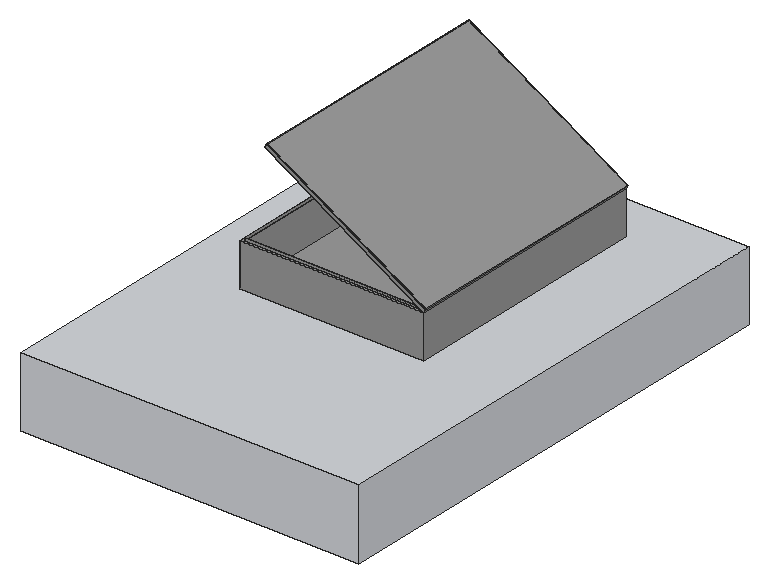
Revit family "Hager-Univers-IP44-D205-H1100-Cl.I-Encl-SE-en", category Equipement électrique, Revit 2020
Family settings
  Hôte = Face
  Configuration du panneau = Deux colonnes, circuits au sein
  Cote de connecteur circulaire = Utiliser le diamètre
  Type d'élément = Tableau de raccordement
  Couper avec des vides une fois chargée = Non
  Partagée = Non
  Point de calcul de pièce = Non
Parameters (values of type "Surface mounted (plaster) IP44 W800 H1100 D205  - FP73TN2")
  Width Control [instance] = if([EF000008 - Width] > Min Width, [EF000008 - Width], Min Width)  # 800 mm
  Commentaires du type = [HG000003 - Range]  # "Univers"
  Thickness Door [instance] = if([EF009171 - Material plate thickness door/cover] > 3 mm, 3 mm, [EF009171 - Material plate thickness door/cover])  # 1 mm
  Seal Frame Offset [instance] = 17 mm  # constant formula
  Plinth Visibility [instance] = [HG000027 - Plinth height] > 0 mm  # no
  Model = ""
  Min Width [instance] = 100 mm  # constant formula
  Min Height [instance] = 100 mm  # constant formula
  Min Depth [instance] = (2 * [EF009170 - Material plate thickness cabinet]) + 1 mm  # 3 mm
  Internal Frame Depth [instance] = (Door System Depth * 0.5)  # 9 mm
  Height Control [instance] = if([EF000040 - Height] > Min Height, [EF000040 - Height], Min Height)  # 1100 mm
  HG000027 - Plinth height = 0 mm
  HG000026 - Floor standing = no
  HG000024 - Bottom section height = 800 mm
  HG000023 - Double section enclosure = no
  HG000016 - Door 3d visibility [instance] = yes
  HG000015 - Clearance visibility [instance] = no
  HG000014 - Door on the right [instance] = yes
  HG000013 - Door on the left [instance] = not([HG000014 - Door on the right])  # no
  HG000012 - Door swing angle [instance] = 30.00°
  HG000010 - Asymmetric doors = no
  HG000009 - Double swing door = no
  HG000006 - Flush mounted = no
  HG000004 - Manufacturer reference = "FP73TN2"
  HG000003 - Range = "Univers"
  HG000002 - With door or cover = yes
  Frame Offset Bottom [instance] = 10 mm  # constant formula
  Frame Offset [instance] = 15 mm  # constant formula
  EF015940 - Cover with overpressure release = no
  EF011959 - Degree of protection (NEMA) = ""
  EF009554 - Number of openings for flange plates = 6
  EF009212 - Cover model = "EV000116 - Closed"
  EF009171 - Material plate thickness door/cover = 1 mm
  EF009170 - Material plate thickness cabinet = 1 mm
  Fabricant = "Hager"  # constant formula
  EF008873 - Nominal current (In) = 250 A
  EF007800 - Suitable for lightning protection = no
  EF006306 - With lock = no
  EF006244 - Transparent cover/door = no
  EF005474 - Degree of protection (IP) = "EV006418 - IP44"
  EF004464 - Type of door = "EV002646 - Single"
  EF004427 - Number of modules = 252
  EF004293 - Impact strength = "EV006815 - IK09"
  EF003532 - Suitable for outdoor use = no
  EF002950 - Width in number of modular spacings = 36
  EF001613 - Circuit integrity = "EV000494 - None"
  EF001596 - Material housing = "EV000179 - Steel"
  EF001131 - Internal depth = 130 mm
  EF001088 - Extension possible = yes
  EF000437 - Number of conduit inlets = 6
  EF000339 - Type of cover = "EV001012 - Cover"
  EF000266 - Number of rows = 7
  EF000218 - Built-in depth = 205 mm
  EF000118 - With mounting plate = no
  EF000116 - RAL-number = "9010"
  EF000049 - Depth = 205 mm
  EF000040 - Height = 1100 mm
  EF000008 - Width = 800 mm
  EF000007 - Colour = "EV000202 - White"
  EF000003 - Mounting method = "EV000384 - Surface mounted (plaster)"
  Door System Leaf Tolerance [instance] = 1.5 mm  # constant formula
  Door System Depth [instance] = 18 mm  # constant formula
  Door Height [instance] = Height Control - [HG000027 - Plinth height]  # 1100 mm
  Depth Control [instance] = if([EF000049 - Depth] > Min Depth, [EF000049 - Depth], Min Depth)  # 205 mm
  Default Elevation = 0 mm
  Connector Offset [instance] = Height Control / 2  # 550 mm
  Bottom Top Plate Trim [instance] = 1.5 mm  # constant formula
  Plinth height Ctrl [instance] = if([HG000027 - Plinth height] > 0 mm, [HG000027 - Plinth height], 12 mm)  # 12 mm
Types (5, lengths in mm): name | Width Control | HG000010 - Asymmetric doors | HG000009 - Double swing door | HG000004 - Manufacturer reference | EF009554 - Number of openings for flange plates | EF004464 - Type of door | EF004427 - Number of modules | EF002950 - Width in number of modular spacings | EF000437 - Number of conduit inlets | EF000008 - Width
  Surface mounted (plaster) IP44 W1050 H1100 D205  - FP74TN2 | 1050 | no | yes | "FP74TN2" | 8 | "EV003602 - Double" | 336 | 48 | 8 | 1050
  Surface mounted (plaster) IP44 W1300 H1100 D205  - FP75TN2 | 1300 | yes | yes | "FP75TN2" | 10 | "EV003602 - Double" | 420 | 60 | 10 | 1300
  Surface mounted (plaster) IP44 W300 H1100 D205  - FP71TN2 | 300 | no | no | "FP71TN2" | 2 | "EV002646 - Single" | 84 | 12 | 2 | 300
  Surface mounted (plaster) IP44 W550 H1100 D205  - FP72TN2 | 550 | no | no | "FP72TN2" | 4 | "EV002646 - Single" | 168 | 24 | 4 | 550
  Surface mounted (plaster) IP44 W800 H1100 D205  - FP73TN2 | 800 | no | no | "FP73TN2" | 6 | "EV002646 - Single" | 252 | 36 | 6 | 800
Reference planes
  plane 1 "Center (Front/Back)": y = 0
  plane 2: z = 0
  plane 3 "Center (Left/Right)": x = 0
  plane 4: z = 205
  plane 5: y = 1
  plane 6: y = 550
  plane 7: y = 0
  plane 8: y = 1100
  plane 9: z = 0
  plane 10: x = -385
  plane 11: x = 385
  plane 12: x = 384
  plane 13: x = -384
  plane 14: y = 1099
  plane 15: x = -383
  plane 16: x = -400
  plane 17: x = 383
  plane 18: x = 400
  plane 19: x = 399
  plane 20: x = -399
  plane 21: y = 11
  plane 22: y = 1100
  plane 23: y = 1084
  plane 24: z = 187
  plane 25: z = 1
  plane 26: z = 186
  plane 27: z = 204
Forms (mm)
  Extrusion 1, solid
    sketch origin (0, 0, 0) x (1, 0, 0) y (0, 1, 0)
      loop
        line (-702.964, 1305) -> (-702.964, -811.445) -> (766.763, -811.445) -> (766.763, 1305) -> (-702.964, 1305)
    from 0 to -304.8
  Extrusion 2, solid, material "Hager_Steel_RAL7035_Light_Grey", visible <- "Plinth Visibility", detail levels medium+fine
    sketch origin (0, 0, 0) x (1, 0, 0) y (0, 1, 0)
      loop
        line (-400, 0) -> (400, 0) -> (400, 12) -> (-400, 12) -> (-400, 0)
    from 0 to 187
  Extrusion 3, solid, material "Hager_Steel_RAL7035_Light_Grey", detail levels medium+fine
    sketch origin (0, 0, 0) x (1, 0, 0) y (0, 1, 0)
      loop
        line (-400, 0) -> (400, 0) -> (400, 1100) -> (-400, 1100) -> (-400, 0)
    from 0 to 187
  Extrusion 4, void
    sketch origin (0, 0, 0) x (1, 0, 0) y (0, 1, 0)
      loop
        line (-399, 1) -> (399, 1) -> (399, 1099) -> (-399, 1099) -> (-399, 1)
    from 1 to 186
  Extrusion 5, void
    sketch origin (-381.607, -4572, 187) x (0, -1, 0) y (-1, 0, 0)
      loop
        line (-4583, 2.393) -> (-5656, 2.393) -> (-5656, -765.607) -> (-4583, -765.607) -> (-4583, 2.393)
    from 0 to 1 <- "EF009170 - Material plate thickness cabinet"
  Extrusion 6, solid, material "Hager_Steel_RAL7035_Light_Grey", detail levels fine
    sketch origin (0, 0, 187) x (1, 0, 0) y (0, 1, 0)
      loop
        line (-384, 1084) -> (-384, 11) -> (384, 11) -> (384, 1084) -> (-384, 1084)
      loop
        line (-385, 10) -> (385, 10) -> (385, 1085) -> (-385, 1085) -> (-385, 10)
    from 0 to 9 <- "Internal Frame Depth"
  Extrusion 7, solid, material "Hager_Steel_RAL7035_Light_Grey", detail levels coarse
    sketch origin (0, 0, 0) x (1, 0, 0) y (0, 1, 0)
      loop
        line (-400, 0) -> (400, 0) -> (400, 1100) -> (-400, 1100) -> (-400, 0)
    from 0 to 205
  Sweep 8, void
    path in 3D
      loop
        line (-400, 12, 0) -> (400, 12, 0) -> (400, 12, 187) -> (-400, 12, 187) -> (-400, 12, 0)
    profile origin (-400, 12, 93.5) x (-1, 0, 0) y (0, -1, 0)
      loop
        line (0, 0) -> (0, 1.5) -> (-1.5, 1.5)
        arc (-1.5, 1.5) -> (-1.061, 0.439) -> (0, 0) r 1.5
Cuts and joins
  Extrusion 4, Extrusion 5 cuts Extrusion 3
  Sweep 8 cuts Extrusion 2
Lines and regions (mm)
  Masking region 1
    outline origin (0, 0, 0) x (1, 0, 0) y (0, 0, 1)
      loop
        line (-400, 205) -> (-400, 0) -> (400, 0) -> (400, 205) -> (-400, 205)
  Masking region 2, detail levels medium+fine
    outline origin (0, 140, 0) x (0, 1, 0) y (0, 0, 1)
      loop
        line (-140, 0) -> (960, 0) -> (960, 187) -> (-140, 187) -> (-140, 0)
  Masking region 3, not visible, detail levels medium+fine
    outline origin (0, 297.922, 0) x (0, 1, 0) y (0, 0, 1)
      loop
        line (263.578, 0) -> (303.578, 0) -> (303.578, 194)
        arc (303.578, 194) -> (300.649, 201.071) -> (293.578, 204) r 10
        line (293.578, 204) -> (263.578, 204) -> (263.578, 0)
  Masking region 4, detail levels coarse
    outline origin (0, 0, 180) x (0, 1, 0) y (0, 0, 1)
      loop
        line (0, -180) -> (1100, -180) -> (1100, 25) -> (0, 25) -> (0, -180)
  Masking region 5, visible <- "Plinth Visibility", detail levels medium+fine
    outline origin (0, 52.24, 12.345) x (0, 0, -1) y (0, 1, 0)
      loop
        line (10.845, -40.24) -> (-173.155, -40.24)
        arc (-173.155, -40.24) -> (-173.594, -41.301) -> (-174.655, -41.74) r 1.5
        line (-174.655, -41.74) -> (-174.655, -52.24) -> (12.345, -52.24) -> (12.345, -41.74)
        arc (12.345, -41.74) -> (11.285, -41.301) -> (10.845, -40.24) r 1.5
  Masking region 6, detail levels medium+fine
    outline origin (-381.607, -4572, 187) x (-1, 0, 0) y (0, -1, 0)
      loop
        line (18.393, -5672) -> (18.393, -4572) -> (-781.607, -4572) -> (-781.607, -5672) -> (18.393, -5672)
  Masking region 7, visible <- "Plinth Visibility", detail levels medium+fine
    outline origin (-381.607, -4727, 187) x (-1, 0, 0) y (0, -1, 0)
      loop
        arc (16.893, -4739) -> (17.332, -4737.939) -> (18.393, -4737.5) r 1.5
        line (18.393, -4737.5) -> (18.393, -4727) -> (-781.607, -4727) -> (-781.607, -4737.5)
        arc (-781.607, -4737.5) -> (-780.546, -4737.939) -> (-780.107, -4739) r 1.5
        line (-780.107, -4739) -> (16.893, -4739)
  Masking region 8, detail levels coarse
    outline origin (-442.548, -4669.526, 187) x (-1, 0, 0) y (0, -1, 0)
      loop
        line (-42.548, -5769.526) -> (-42.548, -4669.526) -> (-842.548, -4669.526) -> (-842.548, -5769.526) -> (-42.548, -5769.526)
  sketch lines
    curve 1: line (-400, 12, 187) -> (-400, 12, 0)
    curve 2: line (400, 12, 187) -> (-400, 12, 187)
    curve 3: line (400, 12, 187) -> (400, 12, 0)
    curve 4: line (-400, 12, 0) -> (400, 12, 0)
Dimensions and locks
  "Depth Control": plane 4 to Extrusion 1
  "HG000027 - Plinth height": plane 1 "Center (Front/Back)" to plane 7
  "EF009170 - Material plate thickness cabinet": plane 5 to plane 7
  locked: connector elem to plane 3 "Center (Left/Right)"
  equal spacing: plane 8, plane 6, plane 7
  locked: connector elem to plane 6
  "EF009170 - Material plate thickness cabinet": plane 8 to plane 14
  "EF009170 - Material plate thickness cabinet": plane 10 to plane 13
  "EF009170 - Material plate thickness cabinet": plane 12 to plane 11
  "Frame Offset": plane 20 to plane 13
  "Frame Offset": plane 12 to plane 19
  "EF009170 - Material plate thickness cabinet": plane 16 to plane 20
  "EF009170 - Material plate thickness cabinet": plane 19 to plane 18
  "Seal Frame Offset": plane 16 to plane 15
  "Seal Frame Offset": plane 17 to plane 18
  "Frame Offset Bottom": plane 21 to plane 5
  "Frame Offset": plane 14 to plane 23
  equal spacing: plane 16, plane 3 "Center (Left/Right)", plane 18
  "Width Control": plane 16 to plane 18
  "EF009170 - Material plate thickness cabinet": plane 4 to plane 27
  "EF009170 - Material plate thickness cabinet": plane 24 to plane 26
  "EF009170 - Material plate thickness cabinet": plane 25 to level
  "Door System Depth": plane 4 to plane 24
  "Height Control": plane 1 "Center (Front/Back)" to Extrusion 7 sketch curve
  "Height Control": Masking region 4 sketch curve to plane 1 "Center (Front/Back)"
  "Height Control": plane 1 "Center (Front/Back)" to plane 22
  "Bottom Top Plate Trim": profile plane to Sweep 8 sketch curve
  "Bottom Top Plate Trim": Sweep 8 sketch curve to profile plane
  "Plinth height Ctrl": plane 1 "Center (Front/Back)" to Extrusion 2 sketch curve
  "Plinth height Ctrl": Masking region 5 sketch curve to plane 1 "Center (Front/Back)"
  "Plinth height Ctrl": plane 1 "Center (Front/Back)" to Masking region 7 sketch curve
  "Thickness Door": Extrusion 6 sketch curve to Extrusion 6 sketch curve  (x3)
  "Thickness Door": cut or joined group of Extrusion 3, Extrusion 4, Extrusion 5 to Extrusion 6 sketch curve
  radius of Masking region 3 sketch curve = 10 mm
  "Bottom Top Plate Trim": radius of Masking region 5 sketch curve  (x2)
  "Bottom Top Plate Trim": radius of Sweep 8 sketch curve
  "Bottom Top Plate Trim": radius of Masking region 7 sketch curve  (x2)
  aligned and locked: plane 2 to Extrusion 1
  aligned and locked: level to Extrusion 1
  aligned and locked: level to Masking region 1 sketch curve
  aligned and locked: Masking region 1 sketch curve to plane 18
  aligned and locked: Masking region 1 sketch curve to plane 16
  aligned and locked: plane 7 to Masking region 2 sketch curve
  aligned and locked: level to Masking region 3 sketch curve
  aligned and locked: Masking region 3 sketch curve to plane 27
  aligned and locked: level to Masking region 2 sketch curve
  aligned and locked: plane 1 "Center (Front/Back)" to Extrusion 2 sketch curve
  aligned and locked: Extrusion 3 sketch curve to plane 7
  aligned and locked: plane 16 to Extrusion 3 sketch curve
  aligned and locked: plane 18 to Extrusion 3 sketch curve
  aligned and locked: plane 20 to Extrusion 4 sketch curve
  aligned and locked: plane 19 to Extrusion 4 sketch curve
  aligned and locked: Extrusion 4 sketch curve to plane 5
  aligned and locked: Extrusion 4 to plane 25
  aligned and locked: plane 26 to Extrusion 4
  aligned and locked: plane 24 to Extrusion 3
  aligned and locked: Extrusion 5 sketch curve to plane 21
  aligned and locked: Extrusion 5 sketch curve to plane 13
  aligned and locked: Extrusion 5 sketch curve to plane 12
  aligned and locked: plane 18 to Extrusion 7 sketch curve
  aligned and locked: plane 1 "Center (Front/Back)" to Extrusion 7 sketch curve
  aligned and locked: plane 16 to Extrusion 7 sketch curve
  aligned and locked: plane 4 to Extrusion 7
  aligned and locked: Extrusion 7 to level
  aligned and locked: level to Masking region 4 sketch curve
  aligned and locked: Masking region 4 sketch curve to plane 1 "Center (Front/Back)"
  aligned and locked: Masking region 4 sketch curve to plane 4
  aligned and locked: nested 1 to level
  aligned and locked: nested 1 to plane 16
  aligned and locked: plane 8 to Extrusion 3 sketch curve
  aligned and locked: plane 23 to Extrusion 5 sketch curve
  aligned and locked: plane 14 to Extrusion 4 sketch curve
  aligned and locked: Masking region 2 sketch curve to plane 8
  aligned and locked: level to Masking region 5 sketch curve
  aligned and locked: plane 16 to Extrusion 2 sketch curve
  aligned and locked: plane 18 to Extrusion 2 sketch curve
  aligned and locked: Masking region 5 sketch curve to plane 24
  aligned and locked: Masking region 2 sketch curve to plane 24
  aligned and locked: plane 24 to Extrusion 2
  aligned and locked: profile plane to Sweep 8 sketch curve  (x2)
  aligned and locked: Masking region 6 sketch curve to plane 18
  aligned and locked: Masking region 6 sketch curve to plane 22
  aligned and locked: Masking region 6 sketch curve to plane 16
  aligned and locked: plane 8 to plane 22
  aligned and locked: Masking region 6 sketch curve to plane 7
  aligned and locked: Masking region 7 sketch curve to plane 16
  aligned and locked: Masking region 7 sketch curve to plane 1 "Center (Front/Back)"
  aligned and locked: Masking region 7 sketch curve to plane 18
  aligned and locked: Masking region 8 sketch curve to plane 1 "Center (Front/Back)"
  aligned and locked: Masking region 8 sketch curve to plane 18
  aligned and locked: Masking region 8 sketch curve to plane 22
  aligned and locked: Masking region 8 sketch curve to plane 16
  aligned and locked: nested 2 to plane 7
  aligned and locked: plane 3 "Center (Left/Right)" to nested 2
  aligned and locked: nested 2 to plane 24
  aligned and locked: Extrusion 6 sketch curve to cut or joined group of Extrusion 3, Extrusion 4, Extrusion 5  (x4)
Automatic sketch dimensions
  Extrusion 1 sketch curve to Extrusion 1 sketch curve = 1469.727 mm
  Extrusion 1 sketch curve to Extrusion 1 sketch curve = 2116.445 mm
  Masking region 1 sketch curve to plane 4 = 0 mm
  plane 6 to Masking region 3 sketch curve = 11.5 mm
  Masking region 3 sketch curve to Masking region 3 sketch curve = 30 mm
  Masking region 5 sketch curve to plane 1 "Center (Front/Back)" = 0 mm
Nested families
  nested 1: "Hager_Enclosure_Symbol" at (-400, 0, 0) x (1, 0, 0) z (0, -1, 0), Height <- "Depth Control", Width <- "Width Control", type "Hager_Enclosure_Symbol"
    with Width_Ctrl 800 mm, Width 800 mm, Height_Ctrl 205 mm, Height 205 mm, A_Width_Int 13.453 mm, A_Width 161.438 mm, A_Height_Ctrl 179.375 mm, A_Height 179.375 mm
  nested 2: "EC000058_Univers_Door" at (0, 0, 187) x (1, 0, 0) z (0, 1, 0), Leaf_Tolerance <- "Door System Leaf Tolerance", Angle <- "HG000012 - Door swing angle", Door_Depth <- "Door System Depth", Door_Left <- "HG000013 - Door on the left", Transparent <- "EF006244 - Transparent cover/door", Assymetrical <- "HG000010 - Asymmetric doors", Width <- "Width Control", Clearance <- "HG000015 - Clearance visibility", Double <- "HG000009 - Double swing door", 3d_Door <- "HG000016 - Door 3d visibility", Lock_Visibility <- "EF006306 - With lock", Width_Ctrl <- "Width Control", Door_Right <- "HG000014 - Door on the right", Door <- "HG000002 - With door or cover", Height <- "Door Height", Thickness <- "Thickness Door", type "EC000058_Univers_Door", detail levels medium+fine
    with min_wh 3 mm, Width_Ctrl 800 mm, Width 800 mm, Transparent no, Thickness 1 mm, Seal_Material Hager_Rubber, Lock_Visibility no, Lock_Material Hager_Plastic_RAL9005_Jet_Black, Leaf_Width 800 mm, Leaf_Tolerance_External_Sides 0 mm, Leaf_Tolerance 1.5 mm, Leaf_Offset 0 mm, Leaf_Height 1097 mm, Leaf_2_Width 800 mm, Leaf_2_Offset 400 mm, Leaf_1_Width 800 mm, Leaf_1_Offset 400 mm, Height_Ctrl 1100 mm, Height 1100 mm, Glass_Material Hager_Glass, Double_Clearance_Ctrl no, Double no, Door_Right_Ctrl yes, Door_Right yes, Door_Material Hager_Steel_RAL7035_Light_Grey, Door_Left_Ctrl no, Door_Left no, Door_Depth 18 mm, Door yes, Clearance_Material Hager_Clearance, Clearance_Depth 800 mm, Clearance_Ctrl no, Clearance no, Assymetrical no, Angle 30.00°, 3d_Door yes
Connectors
  electrical at (0, 550, 0)
    settings: on plane 9, index 1, voltage 0 V, apparent load 0 VA, apparent load phase1 0 VA, apparent load phase2 0 VA, apparent load phase3 0 VA, power factor 1, load classification "Other", number of poles 1, system type 30, power factor state 1, is connector primary yes, connector utility no, sub classification motor no, connector description ""
Definition of nested family "EC000058_Univers_Door"
  Parameters (values of type "EC000058_Univers_Door")
    min_wh [instance] = (2 * Thickness) + 1 mm  # 11 mm
    Width_Ctrl [instance] = 400 mm
    Width [instance] = 500 mm
    Transparent [instance] = yes
    Thickness [instance] = 5 mm
    Seal_Material [instance] = none
    Lock_Visibility [instance] = yes
    Lock_Material [instance] = none
    Leaf_Width [instance] = if((Width_Ctrl - 2 * Leaf_Tolerance_External_Sides) > 0 mm, (Width_Ctrl - 2 * Leaf_Tolerance_External_Sides), min_wh)  # 400 mm
    Leaf_Tolerance_External_Sides [instance] = 0 mm  # constant formula
    Leaf_Tolerance [instance] = 1.5 mm
    Leaf_Offset [instance] = 0 mm  # constant formula
    Leaf_Height [instance] = if((Height_Ctrl - 2 * Leaf_Tolerance) > 0 mm, (Height_Ctrl - 2 * Leaf_Tolerance), min_wh)  # 497 mm
    Leaf_2_Width [instance] = if(and(and(Double, Assymetrical), Door_Left), (Leaf_Width / 3) - (Leaf_Tolerance / 2), if(and(and(Double, Assymetrical), Door_Right), (Leaf_Width / 3) * 2 - (Leaf_Tolerance / 2), if(and(Double, not(Assymetrical)), (Leaf_Width / 2) - Leaf_Tolerance, Leaf_Width)))  # 400 mm
    Leaf_2_Offset [instance] = if(and(Double, Assymetrical), Leaf_2_Width / 2, if(and(Double, not(Assymetrical)), Leaf_Width / 4, Leaf_Width / 2))  # 200 mm
    Leaf_1_Width [instance] = if(and(and(Double, Assymetrical), Door_Right), (Leaf_Width / 3) - (Leaf_Tolerance / 2), if(and(and(Double, Assymetrical), Door_Left), (Width / 3) * 2 - (Leaf_Tolerance / 2), if(and(Double, not(Assymetrical)), (Leaf_Width / 2) - Leaf_Tolerance, Leaf_Width)))  # 400 mm
    Leaf_1_Offset [instance] = if(and(Double, Assymetrical), Leaf_1_Width / 2, if(and(Double, not(Assymetrical)), Leaf_Width / 4, Leaf_Width / 2))  # 200 mm
    Height_Ctrl [instance] = if(Height > min_wh, Height, min_wh)  # 500 mm
    Height [instance] = 500 mm
    Glass_Material [instance] = none
    Double_Clearance_Ctrl [instance] = and(Double, Clearance)  # no
    Double [instance] = no
    Door_Right_Ctrl [instance] = and(or(Door_Right, Double), Door)  # yes
    Door_Right [instance] = yes
    Door_Material [instance] = none
    Door_Left_Ctrl [instance] = and(or(Door_Left, Double), Door)  # no
    Door_Left [instance] = no
    Door_Depth [instance] = 30 mm
    Door [instance] = yes
    Default Elevation = 1219.2 mm
    Clearance_Material [instance] = none
    Clearance_Depth [instance] = if(Leaf_1_Width > Leaf_2_Width, Leaf_1_Width, Leaf_2_Width)  # 400 mm
    Clearance_Ctrl [instance] = and(not(Double), Clearance)  # yes
    Clearance [instance] = yes
    Assymetrical [instance] = yes
    Angle [instance] = 30.00°
    3d_Door [instance] = yes
  Reference planes
    plane 1 "Center (Front/Back)": y = 0
    plane 2 "Bottom": z = 0
    plane 3 "Center (Left/Right)": x = 0
    plane 4: z = 500
    plane 5: x = -200
    plane 6: x = 200
    plane 7: z = 500
    plane 8: x = -200
    plane 9: z = 0
    plane 10: x = 200
    plane 11: y = 0
    plane 12: z = 1.5
    plane 13: x = -600
    plane 14: y = -400
    plane 15: x = 600
    plane 16: x = 0
    plane 17: x = 0
    plane 18: x = -200
    plane 19: x = 200
    plane 20: z = 498.5
  Forms (mm)
    Extrusion 1, solid, material <- "Clearance_Material", visible <- "Double_Clearance_Ctrl"
      sketch origin (1200, 0, 0) x (1, 0, 0) y (0, 0, -1)
        loop
          line (-1800, -498.5) -> (-600, -498.5) -> (-600, 0) -> (-1800, 0) -> (-1800, -498.5)
      from 0 to -400
  Dimensions and locks
    equal spacing: plane 5, plane 3 "Center (Left/Right)", plane 6
    "Width_Ctrl": plane 5 to plane 6
    "Leaf_Offset": plane 5 to plane 8
    "Leaf_Offset": plane 6 to plane 10
    "Leaf_Offset": plane 9 to level
    "Leaf_Offset": plane 4 to plane 7
    "Height_Ctrl": plane 4 to level
    "Leaf_Tolerance": plane 12 to plane 9
    locked: plane 11 to plane 1 "Center (Front/Back)"
    "Leaf_1_Offset": plane 18 to plane 16
    "Leaf_2_Offset": plane 17 to plane 19
    "Leaf_1_Width": plane 13 to plane 8
    "Leaf_2_Width": plane 10 to plane 15
    "Clearance_Depth": plane 14 to plane 1 "Center (Front/Back)"
    "Leaf_Tolerance_External_Sides": plane 8 to plane 18
    "Leaf_Tolerance_External_Sides": plane 19 to plane 10
    "Leaf_Tolerance": plane 7 to plane 20
    aligned and locked: level to plane 2 "Bottom"
    aligned and locked: nested 1 to plane 16
    aligned and locked: nested 2 to plane 17
    aligned and locked: Extrusion 1 to plane 13
    aligned and locked: plane 15 to Extrusion 1
    aligned and locked: Extrusion 1 to plane 14
    aligned and locked: plane 12 to nested 1
    aligned and locked: nested 2 to plane 12
    aligned and locked: Extrusion 1 to plane 11
    aligned and locked: plane 20 to Extrusion 1
    aligned and locked: nested 2 to plane 11
    aligned and locked: nested 1 to plane 11
  Automatic sketch dimensions
    Extrusion 1 sketch curve to level = 0 mm
    plane 5 to Extrusion 1 sketch curve = 400 mm
    plane 6 to Extrusion 1 sketch curve = 400 mm
    Extrusion 1 sketch curve to plane 4 = 1.5 mm
  Nested families
    nested 1: "EC000058_Univers_Door_Leaf" at (0, 0, 1.5), Width <- "Leaf_1_Width", visible <- "Door_Left_Ctrl", Leaf_Height <- "Leaf_Height", Angle <- "Angle", 3d_Door <- "3d_Door", Transparent <- "Transparent", Clearance Material <- "Clearance_Material", Clearance <- "Clearance_Ctrl", Door_Material <- "Door_Material", Glass_Material <- "Glass_Material", Door_Depth <- "Door_Depth", Lock_Material <- "Lock_Material", Seal_Material <- "Seal_Material", Lock_Visibility <- "Lock_Visibility", Thickness <- "Thickness", type "EC000058_Univers_Door_Leaf"
      with Width 400 mm, Transparent_Glass_Offset 30 mm, Transparent_Ctrl yes, Transparent yes, Thickness 5 mm, Standard no, Seal_Material none, Seal_D2 8 mm, Seal_D1 1 mm, Offset_Internal_Frame 10 mm, Lock_Width 20 mm, Lock_Visibility_3d yes, Lock_Visibility yes, Lock_Thickness_3 3 mm, Lock_Thickness_2 1 mm, Lock_Thickness_1 3 mm, Lock_Radius_Offset_2 16 mm, Lock_Radius_Offset_1 15 mm, Lock_Radius_2 5 mm, Lock_Radius 6 mm, Lock_Offset 5 mm, Lock_Material none, Lock_Height 80 mm, Lock_Cover_Top_Offset_2d 17 mm, Lock_Cover_Height -65 mm, Leaf_Height 497 mm, Internal_Seal_Thickness 8 mm, Internal_Seal_Depth_2 4.5 mm, Internal_Frame_Depth 25 mm, Glass_Thickness -1 mm, Glass_Offset -2 mm, Glass_Material none, Door_Material none, Door_Depth 30 mm, Clearance Material none, Clearance yes, Angle_Ctrl 30.00°, Angle 30.00°, 3d_Door yes
    nested 2: "EC000058_Univers_Door_Leaf" at (0, 0, 1.5) x (-1, 0, 0) z (0, 0, 1), Width <- "Leaf_2_Width", visible <- "Door_Right_Ctrl", Leaf_Height <- "Leaf_Height", Angle <- "Angle", 3d_Door <- "3d_Door", Transparent <- "Transparent", Clearance Material <- "Clearance_Material", Clearance <- "Clearance_Ctrl", Door_Material <- "Door_Material", Glass_Material <- "Glass_Material", Door_Depth <- "Door_Depth", Lock_Material <- "Lock_Material", Seal_Material <- "Seal_Material", Lock_Visibility <- "Lock_Visibility", Thickness <- "Thickness", type "EC000058_Univers_Door_Leaf"
      with Width 400 mm, Transparent_Glass_Offset 30 mm, Transparent_Ctrl yes, Transparent yes, Thickness 5 mm, Standard no, Seal_Material none, Seal_D2 8 mm, Seal_D1 1 mm, Offset_Internal_Frame 10 mm, Lock_Width 20 mm, Lock_Visibility_3d yes, Lock_Visibility yes, Lock_Thickness_3 3 mm, Lock_Thickness_2 1 mm, Lock_Thickness_1 3 mm, Lock_Radius_Offset_2 16 mm, Lock_Radius_Offset_1 15 mm, Lock_Radius_2 5 mm, Lock_Radius 6 mm, Lock_Offset 5 mm, Lock_Material none, Lock_Height 80 mm, Lock_Cover_Top_Offset_2d 17 mm, Lock_Cover_Height -65 mm, Leaf_Height 497 mm, Internal_Seal_Thickness 8 mm, Internal_Seal_Depth_2 4.5 mm, Internal_Frame_Depth 25 mm, Glass_Thickness -1 mm, Glass_Offset -2 mm, Glass_Material none, Door_Material none, Door_Depth 30 mm, Clearance Material none, Clearance yes, Angle_Ctrl 30.00°, Angle 30.00°, 3d_Door yes
  Definition of nested family "EC000058_Univers_Door_Leaf"
    Parameters (values of type "EC000058_Univers_Door_Leaf")
      Width [instance] = 2000 mm
      Transparent_Glass_Offset [instance] = 30 mm
      Transparent_Ctrl [instance] = and(Transparent, [3d_Door])  # yes
      Transparent [instance] = yes
      Thickness [instance] = 5 mm
      Standard [instance] = and(not(Transparent), [3d_Door])  # no
      Seal_Material [instance] = none
      Seal_D2 [instance] = 8 mm  # constant formula
      Seal_D1 [instance] = 1 mm  # constant formula
      Offset_Internal_Frame [instance] = 10 mm  # constant formula
      Lock_Width [instance] = 20 mm  # constant formula
      Lock_Visibility_3d [instance] = and(Lock_Visibility, [3d_Door])  # yes
      Lock_Visibility [instance] = yes
      Lock_Thickness_3 [instance] = 3 mm  # constant formula
      Lock_Thickness_2 [instance] = 1 mm  # constant formula
      Lock_Thickness_1 [instance] = 3 mm  # constant formula
      Lock_Radius_Offset_2 [instance] = Lock_Radius_Offset_1 + 1 mm  # 16 mm
      Lock_Radius_Offset_1 [instance] = 15 mm  # constant formula
      Lock_Radius_2 [instance] = Lock_Radius - 1 mm  # 5 mm
      Lock_Radius [instance] = 6 mm  # constant formula
      Lock_Offset [instance] = 5 mm  # constant formula
      Lock_Material [instance] = none
      Lock_Height [instance] = 80 mm  # constant formula
      Lock_Cover_Top_Offset_2d [instance] = Lock_Radius_Offset_2 + 1 mm  # 17 mm
      Lock_Cover_Height [instance] = -(Lock_Height - Lock_Radius_Offset_1)  # -65 mm
      Leaf_Height [instance] = 2720.336 mm
      Internal_Seal_Thickness [instance] = 8 mm  # constant formula
      Internal_Seal_Depth_2 [instance] = 4.5 mm  # constant formula
      Internal_Frame_Depth [instance] = if(Door_Depth - Thickness > 5 mm, Door_Depth - Thickness, 5 mm)  # 25 mm
      Glass_Thickness [instance] = if(Thickness > 15 mm, Glass_Offset + 10 mm, -1 mm)  # -1 mm
      Glass_Offset [instance] = if(Thickness > 15 mm, -(Thickness + 10 mm) / 2, -2 mm)  # -2 mm
      Glass_Material [instance] = none
      Door_Material [instance] = none
      Door_Depth [instance] = 30 mm
      Default Elevation = 0 mm
      Clearance Material [instance] = none
      Clearance [instance] = yes
      Angle_Ctrl [instance] = if(Angle > 180.00°, 180.00°, Angle)  # 90.00°
      Angle [instance] = 90.00°
      3d_Door [instance] = yes
    Reference planes
      plane 1 "Center (Front/Back)": y = 0
      plane 2: z = 0
      plane 3 "Center (Left/Right)": x = 0
      plane 4: y = 2000
      plane 5: x = -1000
      plane 6: x = 1000
      plane 7: x = -3000
      plane 8: z = 2720.336
      plane 9: z = 30
      plane 10: z = 2690.336
      plane 11: x = 970
      plane 12: x = -970
      plane 13: y = -3
      plane 14: z = 107.833
      plane 15: y = -5
      plane 16: y = -223.314
      plane 17: x = -1000
      plane 18: z = 1360.168
      plane 19: y = 30
    Forms (mm)
      Extrusion 1, solid, material <- "Clearance Material", visible <- "Clearance"
        sketch origin (0, 0, 0) x (1, 0, 0) y (0, 0, 1)
          loop
            line (-3000, 2720.336) -> (-3000, 0) -> (1000, 0) -> (1000, 2720.336) -> (-3000, 2720.336)
        from 0 to -2000
      Extrusion 2, solid, material <- "Door_Material", visible <- "Standard", detail levels medium+fine
        sketch origin (-1000, 0, 0) x (0, 1, 0) y (-1, 0, 0)
          loop
            line (0, 30) -> (0, 25) -> (2000, 25) -> (2000, 30) -> (0, 30)
        from 0 to 2720.336 <- "Leaf_Height"
      Extrusion 3, solid, material <- "Door_Material", visible <- "Transparent_Ctrl", detail levels medium+fine
        sketch origin (-1000, 0, 0) x (0, 1, 0) y (-1, 0, 0)
          loop
            line (0, 25) -> (2000, 25) -> (2000, 30) -> (0, 30) -> (0, 25)
        from 0 to 2720.336 <- "Leaf_Height"
      Extrusion 4, void
        sketch origin (-1025, 2000, 0) x (0, 1, 0) y (0, 0, -1)
          loop
            line (-30, -2690.336) -> (-30, -30) -> (-1970, -30) -> (-1970, -2690.336) -> (-30, -2690.336)
        from 0 to 5 <- "Thickness"
      Sweep 5, solid, material <- "Seal_Material", visible <- "Transparent_Ctrl", detail levels fine
        path in 3D
          loop
            line (-1025, 30, 30) -> (-1025, 30, 2690.336) -> (-1025, 1970, 2690.336) -> (-1025, 1970, 30) -> (-1025, 30, 30)
        profile origin (-1025, 1000, 30) x (1, 0, 0) y (0, 0, 1)
          loop
            line (0, 0) -> (0, -8) -> (1, -8) -> (1, 0) -> (0, 0)
      Extrusion 6, solid, material <- "Glass_Material", visible <- "Transparent_Ctrl", detail levels medium+fine
        sketch origin (-1030, 0, 0) x (0, 1, 0) y (0, 0, -1)
          loop
            line (1970, -2690.336) -> (1970, -30) -> (30, -30) -> (30, -2690.336) -> (1970, -2690.336)
        from -2 <- "Glass_Offset" to -1 <- "Glass_Thickness"
      Extrusion 7, solid, material <- "Door_Material", visible <- "3d_Door", detail levels medium+fine
        sketch origin (-1025, 2000, 0) x (0, -1, 0) y (0, 0, -1)
          loop
            line (0, -2720.336) -> (2000, -2720.336) -> (2000, 0) -> (0, 0) -> (0, -2720.336)
          loop
            line (1995, -5) -> (5, -5) -> (5, -2715.336) -> (1995, -2715.336) -> (1995, -5)
        from 0 to 25 <- "Internal_Frame_Depth"
      Sweep 8, solid, material <- "Seal_Material", visible <- "Transparent_Ctrl", detail levels fine
        path in 3D
          loop
            line (-1025, 0, 0) -> (-1025, 2000, 0) -> (-1025, 2000, 2720.336) -> (-1025, 0, 2720.336) -> (-1025, 0, 0)
        profile origin (-1025, 0, 1360.168) x (1, 0, 0) y (0, 1, 0)
          loop
            line (0, 10) -> (2.975, 10)
            arc (2.975, 10) -> (4.053, 10.447) -> (4.5, 11.525) r 1.525
            line (4.5, 11.525) -> (4.5, 16.527)
            arc (4.5, 16.527) -> (4.069, 17.569) -> (3.027, 18) r 1.473
            line (3.027, 18) -> (0, 18) -> (0, 10)
      Extrusion 9, solid, material <- "Lock_Material", visible <- "Lock_Visibility_3d", detail levels fine
        sketch origin (-1030, 0, 0) x (0, 1, 0) y (0, 0, -1)
          loop
            arc (1993.5, -1400.168) -> (1994.561, -1399.729) -> (1995, -1398.668) r 1.5
            line (1995, -1398.668) -> (1995, -1320.168) -> (1975, -1320.168) -> (1975, -1398.668)
            arc (1975, -1398.668) -> (1975.439, -1399.729) -> (1976.5, -1400.168) r 1.5
            line (1976.5, -1400.168) -> (1993.5, -1400.168)
        from 3 <- "Lock_Thickness_1" to 0
      Blend 10, solid, material <- "Lock_Material", visible <- "Lock_Visibility_3d", detail levels fine
        base sketch origin (-1033, 0, 0) x (0, 1, 0) y (0, 0, -1)
          loop
            line (1975, -1320.168) -> (1975, -1398.668)
            arc (1975, -1398.668) -> (1975.439, -1399.729) -> (1976.5, -1400.168) r 1.5
            line (1976.5, -1400.168) -> (1993.5, -1400.168)
            arc (1993.5, -1400.168) -> (1994.561, -1399.729) -> (1995, -1398.668) r 1.5
            line (1995, -1398.668) -> (1995, -1320.168) -> (1975, -1320.168)
        top sketch origin (-1033, 0, 0) x (0, 1, 0) y (0, 0, -1)
          loop
            line (1976, -1320.168) -> (1976, -1398.668)
            arc (1976, -1398.668) -> (1976.146, -1399.022) -> (1976.5, -1399.168) r 0.5
            line (1976.5, -1399.168) -> (1993.5, -1399.168)
            arc (1993.5, -1399.168) -> (1993.854, -1399.022) -> (1994, -1398.668) r 0.5
            line (1994, -1398.668) -> (1994, -1320.168) -> (1976, -1320.168)
        from 0 to 1 <- "Lock_Thickness_2"
      Blend 11, solid, material <- "Lock_Material", visible <- "Lock_Visibility_3d", detail levels fine
        base sketch origin (-1034, 0, 0) x (0, 1, 0) y (0, 0, -1)
          loop
            line (1978, -1320.168) -> (1978, -1384.168)
            arc (1978, -1384.168) -> (1985, -1391.168) -> (1992, -1384.168) r 7
            line (1992, -1384.168) -> (1992, -1320.168) -> (1978, -1320.168)
        top sketch origin (-1034, 0, 0) x (0, 1, 0) y (0, 0, -1)
          loop
            line (1991, -1320.168) -> (1979, -1320.168) -> (1979, -1383.168)
            arc (1979, -1383.168) -> (1985, -1389.168) -> (1991, -1383.168) r 6
            line (1991, -1383.168) -> (1991, -1320.168)
        from 0 to 3 <- "Lock_Thickness_3"
      Extrusion 12, solid, material <- "Lock_Material", visible <- "Lock_Visibility_3d", detail levels fine
        sketch origin (-1030, 1975, 1320.168) x (1, 0, 0) y (0, -1, 0)
          loop
            line (-7, -19) -> (-7, -1) -> (0, -1) -> (0, 0) -> (-8, 0) -> (-8, -20) -> (0, -20) -> (0, -19) -> (-7, -19)
        from 0 to -65 <- "Lock_Cover_Height"
      Extrusion 13, void
        sketch origin (-1038, 1995, 1320.168) x (-1, 0, 0) y (0, 0, -1)
          loop
            line (-5, -65) -> (0, -65) -> (-5, -60) -> (-5, -65)
        from 0 to 20 <- "Lock_Width"
      Extrusion 14, void
        sketch origin (-1038, 1975, 1320.168) x (0, -1, 0) y (0, 0, -1)
          loop
            circle (-10, -15.995) r 6
          loop
            circle (-10, -15.995) r 5
        from 0 to 2
      Extrusion 15, solid, material <- "Lock_Material", visible <- "Lock_Visibility_3d", detail levels medium
        sketch origin (-1030, 0, 0) x (0, 1, 0) y (0, 0, -1)
          loop
            arc (1993.5, -1400.168) -> (1994.561, -1399.729) -> (1995, -1398.668) r 1.5
            line (1995, -1398.668) -> (1995, -1320.168) -> (1975, -1320.168) -> (1975, -1398.668)
            arc (1975, -1398.668) -> (1975.439, -1399.729) -> (1976.5, -1400.168) r 1.5
            line (1976.5, -1400.168) -> (1993.5, -1400.168)
        from 8 to 0
    Cuts and joins
      Extrusion 4 cuts Extrusion 3
      Extrusion 13, Extrusion 14 cuts Extrusion 9
      Extrusion 14 cuts Blend 11
      Extrusion 13, Extrusion 14 cuts Extrusion 12
      joined: Extrusion 9, Blend 10, Blend 11, Extrusion 12
      Extrusion 14 cuts Extrusion 15
    Lines and regions (mm)
      Masking region 1, visible <- "Lock_Visibility", detail levels fine
        outline origin (0, 0, 0) x (0, 1, 0) y (0, 0, 1)
          loop
            line (30, 1320.168) -> (33, 1320.168) -> (33, 1400.168) -> (30, 1400.168) -> (30, 1320.168)
      Masking region 2, visible <- "Lock_Visibility", detail levels fine
        outline origin (0, 3.143, 0) x (0, 1, 0) y (0, 0, 1)
          loop
            line (29.857, 1354.168) -> (30.857, 1354.168) -> (30.857, 1366.168) -> (29.857, 1366.168) -> (29.857, 1354.168)
      Masking region 3, detail levels medium+fine
        outline origin (0, 0, 0) x (0, 1, 0) y (0, 0, 1)
          loop
            line (0, 0) -> (30, 0) -> (30, 2720.336) -> (0, 2720.336) -> (0, 0)
      Masking region 4, detail levels medium+fine
        outline origin (0, 0, 0) x (1, 0, 0) y (0, 0, 1)
          loop
            line (-1000, 2720.336) -> (-1000, 0) -> (1000, 0) -> (1000, 2720.336) -> (-1000, 2720.336)
      Masking region 5, visible <- "Lock_Visibility", detail levels fine
        outline origin (-47.116, 0, 0) x (1, 0, 0) y (0, 0, 1)
          loop
            arc (1024.616, 1399.168) -> (1023.556, 1398.729) -> (1023.116, 1397.668) r 1.5
            line (1023.116, 1397.668) -> (1023.116, 1320.168) -> (1041.116, 1320.168) -> (1041.116, 1397.668)
            arc (1041.116, 1397.668) -> (1040.677, 1398.729) -> (1039.616, 1399.168) r 1.5
            line (1039.616, 1399.168) -> (1024.616, 1399.168)
      Masking region 6, visible <- "Lock_Visibility", detail levels medium+fine
        outline origin (-25, 0, 0) x (1, 0, 0) y (0, 0, 1)
          loop
            arc (1001.5, 1400.168) -> (1000.439, 1399.729) -> (1000, 1398.668) r 1.5
            line (1000, 1398.668) -> (1000, 1320.168) -> (1020, 1320.168) -> (1020, 1398.668)
            arc (1020, 1398.668) -> (1019.561, 1399.729) -> (1018.5, 1400.168) r 1.5
            line (1018.5, 1400.168) -> (1001.5, 1400.168)
      Masking region 7, visible <- "Lock_Visibility", detail levels fine
        outline origin (-73.735, 0, 0) x (1, 0, 0) y (0, 0, 1)
          loop
            line (1051.735, 1382.168) -> (1065.735, 1382.168) -> (1065.735, 1384.168)
            arc (1065.735, 1384.168) -> (1058.735, 1391.168) -> (1051.735, 1384.168) r 7
            line (1051.735, 1384.168) -> (1051.735, 1382.168)
      Masking region 8, visible <- "Lock_Visibility", detail levels fine
        outline origin (-73.735, 0, 0) x (1, 0, 0) y (0, 0, 1)
          loop
            line (1052.735, 1382.168) -> (1064.735, 1382.168) -> (1064.735, 1383.168)
            arc (1064.735, 1383.168) -> (1058.735, 1389.168) -> (1052.735, 1383.168) r 6
            line (1052.735, 1383.168) -> (1052.735, 1382.168)
      Masking region 9, visible <- "Lock_Visibility", detail levels fine
        outline origin (-25, 0, 0) x (1, 0, 0) y (0, 0, 1)
          loop
            line (1020, 1320.168) -> (1020, 1382.168) -> (1000, 1382.168) -> (1000, 1320.168) -> (1020, 1320.168)
      Masking region 10, detail levels medium+fine
        outline origin (0, 0, 0) x (1, 0, 0) y (0, 0, 1)
          loop
            circle (985, 1335.144) r 6
      Masking region 11, detail levels fine
        outline origin (0, 0, 0) x (1, 0, 0) y (0, 0, 1)
          loop
            circle (985, 1335.144) r 5
      Masking region 12, visible <- "Lock_Visibility", detail levels fine
        outline origin (0, 12.767, 0) x (0, 1, 0) y (0, 0, 1)
          loop
            line (20.233, 1320.168) -> (21.233, 1320.168) -> (21.233, 1399.168) -> (20.233, 1400.168) -> (20.233, 1320.168)
      Masking region 13, visible <- "Lock_Visibility", detail levels fine
        outline origin (0, 13.767, -10) x (0, 1, 0) y (0, 0, 1)
          loop
            line (20.233, 1330.168) -> (23.233, 1330.168) -> (23.233, 1399.168) -> (20.233, 1402.168) -> (20.233, 1330.168)
      Masking region 14, visible <- "Lock_Visibility", detail levels fine
        outline origin (0, 12.767, -10) x (0, 1, 0) y (0, 0, 1)
          loop
            line (20.233, 1330.168) -> (25.233, 1330.168) -> (25.233, 1399.305) -> (20.233, 1394.305) -> (20.233, 1330.168)
      Masking region 15, visible <- "Lock_Visibility", detail levels medium
        outline origin (0, 0, 0) x (0, 1, 0) y (0, 0, 1)
          loop
            line (30, 1320.168) -> (38, 1320.168) -> (38, 1400.168) -> (30, 1400.168) -> (30, 1320.168)
      Masking region 16, visible <- "Lock_Visibility", detail levels fine
        outline origin (-1000, 0, 0) x (0, 1, 0) y (-1, 0, 0)
          loop
            line (1975, 30) -> (1995, 30) -> (1995, 38) -> (1975, 38) -> (1975, 30)
          loop
            line (1979, 37) -> (1976, 37) -> (1976, 34) -> (1978, 34) -> (1979, 37)
          loop
            line (1994, 37) -> (1991, 37) -> (1992, 34) -> (1994, 34) -> (1994, 37)
      Masking region 17, visible <- "Lock_Visibility", detail levels medium
        outline origin (-1000, 0, 0) x (0, 1, 0) y (-1, 0, 0)
          loop
            line (1975, 30) -> (1995, 30) -> (1995, 38) -> (1975, 38) -> (1975, 30)
      symbolic lines
        curve 1: line (1000, 0, 0) -> (-3000, 0, 0)
        curve 2: arc (1000, 0, 0) -> (-1000, 2000, 0) -> (-3000, 0, 0) r 2000
        curve 4: line (-1030, 0, 0) -> (-1030, 2000, 0)
      reference lines
        curve 3: line (-1000, 0, 0) -> (-1000, 2000, 0)
      symbolic lines, detail levels medium+fine
        curve 5: line (-1030, 2000, 0) -> (-1025, 2000, 0)
        curve 7: line (-1025, 0, 0) -> (-1030, 0, 0)
        curve 8: line (-1025, 0, 0) -> (-1000, 0, 0)
        curve 9: line (-1000, 0, 0) -> (-1000, 2000, 0)
        curve 10: line (-1000, 2000, 0) -> (-1025, 2000, 0)
      symbolic lines, detail levels fine
        curve 6: line (-1025, 2000, 0) -> (-1025, 0, 0)
      sketch lines
        curve 11: line (-1025, 0, 2720.336) -> (-1025, 0, 0)
        curve 12: line (-1025, 2000, 0) -> (-1025, 0, 0)
        curve 13: line (-1025, 2000, 2720.336) -> (-1025, 2000, 0)
        curve 14: line (-1025, 0, 2720.336) -> (-1025, 2000, 2720.336)
        curve 15: line (-1025, 1970, 30) -> (-1025, 30, 30)
        curve 16: line (-1025, 30, 30) -> (-1025, 30, 2690.336)
        curve 17: line (-1025, 1970, 2690.336) -> (-1025, 1970, 30)
        curve 18: line (-1025, 30, 2690.336) -> (-1025, 1970, 2690.336)
      symbolic lines, visible <- "Transparent", detail levels medium+fine
        curve 19: line (-970, 0, 2690.336) -> (970, 0, 2690.336)
        curve 20: line (-970, 0, 30) -> (-970, 0, 2690.336)
        curve 21: line (970, 0, 30) -> (-970, 0, 30)
        curve 22: line (970, 0, 2690.336) -> (970, 0, 30)
    Dimensions and locks
      "Width": plane 1 "Center (Front/Back)" to plane 4
      equal spacing: plane 5, plane 3 "Center (Left/Right)", plane 6
      "Width": plane 5 to plane 6
      "Width": plane 7 to plane 5
      "Leaf_Height": plane 8 to level
      "Width": curve 5 to curve 3
      "Width": curve 3 to curve 3
      plane 8 to plane 10 = 30 mm
      plane 9 to level = 30 mm
      plane 12 to plane 5 = 30 mm
      plane 6 to plane 11 = 30 mm
      Extrusion 1 to Extrusion 4 sketch curve = 30 mm
      "Transparent_Glass_Offset": curve 3 to Extrusion 4 sketch curve
      "Transparent_Glass_Offset": Extrusion 4 sketch curve to cut or joined group of Extrusion 3, Extrusion 4  (x2)
      cut or joined group of Extrusion 3, Extrusion 4 to Extrusion 6 sketch curve = 30 mm
      "Transparent_Glass_Offset": cut or joined group of Extrusion 3, Extrusion 4 to Extrusion 4 sketch curve
      "Thickness": curve 6 to curve 4
      "Thickness": Extrusion 7 sketch curve to Extrusion 7 sketch curve  (x4)
      "Door_Depth": curve 4 to curve 3
      "Offset_Internal_Frame": profile plane to Sweep 8 sketch curve
      "Internal_Seal_Thickness": Sweep 8 sketch curve to Sweep 8 sketch curve
      "Internal_Seal_Depth_2": profile plane to Sweep 8 sketch curve
      "Seal_D1": profile plane to Sweep 5 sketch curve
      "Seal_D2": profile plane to Sweep 5 sketch curve
      "Thickness": Extrusion 2 sketch curve to Extrusion 2 sketch curve
      equal spacing: Extrusion 9 sketch curve, plane 18, Extrusion 9 sketch curve  (x2)
      equal spacing: Masking region 1 sketch curve, plane 18, Masking region 1 sketch curve
      "Lock_Height": Masking region 1 sketch curve to Masking region 1 sketch curve
      "Lock_Radius": Masking region 2 sketch curve to plane 18 to Masking region 2 sketch curve
      Masking region 2 sketch curve to Masking region 1 = 1 mm
      "Door_Depth": plane 19 to plane 1 "Center (Front/Back)"
      "Lock_Thickness_1": Masking region 1 sketch curve to plane 19
      "Lock_Width": Extrusion 9 sketch curve to Extrusion 9 sketch curve
      "Lock_Height": Extrusion 9 sketch curve to Extrusion 9 sketch curve
      "Lock_Offset": cut or joined group of Extrusion 3, Extrusion 4 to Extrusion 9 sketch curve
      equal spacing: plane 8, plane 18, level
      "Lock_Radius_Offset_1": Blend 11 sketch curve to Blend 10
      locked: Blend 10 to Blend 11 sketch curve at 2  (x2)
      locked: var sketch to Blend 11 sketch curve at 1  (x2)
      "Lock_Radius_Offset_2": Blend 11 sketch curve to Blend 10
      locked: Extrusion 12 sketch curve to Extrusion 12 sketch curve at 1  (x3)
      Masking region 6 sketch curve to Masking region 6 sketch curve = 80 mm
      "Lock_Height": Masking region 6 sketch curve to Masking region 6 sketch curve
      "Lock_Width": Masking region 6 sketch curve to Masking region 6 sketch curve
      locked: Masking region 6 to Masking region 5 sketch curve at 1  (x3)
      locked: Masking region 5 to Masking region 7 sketch curve at 2  (x2)
      "Lock_Radius_Offset_1": Masking region 5 to Masking region 7 sketch curve
      "Lock_Radius_Offset_2": Masking region 5 to Masking region 8 sketch curve
      locked: Masking region 7 to Masking region 8 sketch curve at 1  (x2)
      "Lock_Cover_Top_Offset_2d": Masking region 5 to Masking region 9 sketch curve
      equal spacing: Masking region 9, Masking region 10 sketch curve, Masking region 9
      equal spacing: Masking region 9, Masking region 11 sketch curve, Masking region 9
      Extrusion 15 sketch curve to Extrusion 15 sketch curve = 80 mm
      "Lock_Width": Extrusion 15 sketch curve to Extrusion 15 sketch curve
      "Lock_Height": Extrusion 15 sketch curve to Extrusion 15 sketch curve
      equal spacing: Extrusion 15 sketch curve, plane 18, Extrusion 15 sketch curve
      "Lock_Thickness_3": Masking region 13 sketch curve to Masking region 13 sketch curve
      "Lock_Height": Masking region 12 sketch curve to Masking region 12 sketch curve
      locked: Masking region 13 sketch curve to Masking region 1 at 8
      locked: Masking region 14 sketch curve to Masking region 13 at 1
      locked: Masking region 14 sketch curve to Masking region 1 at 10.863
      "Lock_Height": Masking region 15 sketch curve to Masking region 15 sketch curve
      "Lock_Offset": Extrusion 15 sketch curve to cut or joined group of Extrusion 3, Extrusion 4
      "Lock_Offset": plane 6 to Masking region 6 sketch curve
      radius of Sweep 8 sketch curve = 1.525 mm
      radius of Sweep 8 sketch curve = 1.473 mm
      radius of Extrusion 9 sketch curve = 1.5 mm  (x2)
      "Lock_Radius": radius of Extrusion 14 sketch curve
      "Lock_Radius_2": radius of Extrusion 14 sketch curve
      "Lock_Radius": radius of Masking region 10 sketch curve
      "Lock_Radius_2": radius of Masking region 11 sketch curve
      radius of Extrusion 15 sketch curve = 1.5 mm  (x2)
      "Angle_Ctrl": angle plane 1 "Center (Front/Back)" to curve 3
      locked: Masking region 12 sketch curve to Masking region 12 sketch curve (angle 45.00°)
      locked: Masking region 13 sketch curve to Masking region 13 sketch curve (angle 45.00°)
      locked: Masking region 14 sketch curve to Masking region 14 sketch curve (angle 45.00°)
      aligned and locked: level to plane 2
      aligned and locked: Extrusion 1 to curve 1
      aligned and locked: plane 6 to Extrusion 1
      aligned and locked: Extrusion 1 to plane 1 "Center (Front/Back)"
      aligned and locked: plane 4 to Extrusion 1
      aligned and locked: plane 8 to Extrusion 1
      aligned and locked: curve 7 to Extrusion 2 sketch curve
      aligned and locked: curve 5 to Extrusion 2 sketch curve
      aligned and locked: curve 7 to Extrusion 3 sketch curve
      aligned and locked: Extrusion 3 sketch curve to curve 4
      aligned and locked: Extrusion 3 sketch curve to curve 6
      aligned and locked: Extrusion 3 sketch curve to curve 5
      aligned and locked: curve 9 to curve 3
      aligned and locked: Extrusion 7 sketch curve to cut or joined group of Extrusion 3, Extrusion 4  (x4)
      aligned and locked: plane 17 to curve 3
      aligned and locked: plane 1 "Center (Front/Back)" to curve 3
      aligned and locked: plane 17 to plane 5
      aligned and locked: Sweep 8 sketch curve to profile plane
      aligned and locked: Sweep 5 sketch curve to profile plane  (x2)
      aligned and locked: Masking region 1 to Masking region 2 sketch curve
      aligned and locked: plane 19 to Masking region 1 sketch curve
      aligned and locked: plane 1 "Center (Front/Back)" to Masking region 3 sketch curve
      aligned and locked: plane 19 to Masking region 3 sketch curve
      aligned and locked: level to Masking region 3 sketch curve
      aligned and locked: Masking region 3 sketch curve to plane 8
      aligned and locked: plane 17 to Masking region 4 sketch curve
      aligned and locked: level to Masking region 4 sketch curve
      aligned and locked: Masking region 4 sketch curve to plane 8
      aligned and locked: plane 12 to curve 20
      aligned and locked: plane 10 to curve 19
      aligned and locked: plane 11 to curve 22
      aligned and locked: curve 21 to plane 9
      aligned and locked: Extrusion 2 sketch curve to cut or joined group of Extrusion 3, Extrusion 4
      aligned and locked: Blend 10 sketch curve to Extrusion 9  (x4)
      aligned and locked: Extrusion 9 to Blend 10 sketch curve
      aligned and locked: Blend 10 to Blend 11 sketch curve
      aligned and locked: Extrusion 12 sketch curve to Blend 11
      aligned and locked: Extrusion 12 sketch curve to Extrusion 9  (x4)
      aligned and locked: Masking region 5 sketch curve to Masking region 6
      aligned and locked: Masking region 9 sketch curve to Masking region 6  (x3)
      aligned and locked: Masking region 12 sketch curve to Masking region 1
      aligned and locked: Masking region 13 sketch curve to Masking region 1
      aligned and locked: Masking region 12 to Masking region 14
      aligned and locked: Masking region 14 sketch curve to Masking region 1
      aligned and locked: Masking region 15 sketch curve to Masking region 14
      aligned and locked: Masking region 13 sketch curve to Masking region 12
      aligned and locked: Masking region 16 sketch curve to cut or joined group of Extrusion 14, Extrusion 15  (x4)
      aligned and locked: Masking region 16 sketch curve to cut or joined group of Extrusion 9, Blend 10, Blend 11, Extrusion 12, Extrusion 13, Extrusion 14  (x6)
      aligned and locked: cut or joined group of Extrusion 9, Blend 10, Blend 11, Extrusion 12, Extrusion 13, Extrusion 14 to Masking region 16 sketch curve
      aligned and locked: Masking region 17 sketch curve to cut or joined group of Extrusion 14, Extrusion 15  (x3)
      aligned and locked: Masking region 17 sketch curve to cut or joined group of Extrusion 9, Blend 10, Blend 11, Extrusion 12, Extrusion 13, Extrusion 14
      aligned and locked: Masking region 9 to Masking region 8 sketch curve
      aligned and locked: Masking region 9 to Masking region 7 sketch curve
    Automatic sketch dimensions
      plane 1 "Center (Front/Back)" to curve 2 = 0 mm
      curve 2 to plane 5 = 0 mm
      Extrusion 1 sketch curve to level = 0 mm
      Extrusion 1 sketch curve to plane 7 = 0 mm
      Extrusion 1 sketch curve to plane 6 = 0 mm
      Extrusion 1 sketch curve to plane 8 = 0 mm
      Extrusion 3 to Extrusion 6 sketch curve = 30 mm  (x4)
      Masking region 4 sketch curve to plane 6 = 0 mm
      Blend 10 sketch curve to Extrusion 9 = 1.5 mm
      Blend 10 sketch curve to Extrusion 9 = 1 mm
      Extrusion 13 sketch curve to Extrusion 12 = 0 mm  (x2)
      Extrusion 12 to Extrusion 13 sketch curve = 3 mm
      Extrusion 13 sketch curve to Extrusion 12 = 5 mm
      Extrusion 14 sketch curve to Extrusion 14 sketch curve = 0 mm  (x2)
      Extrusion 14 sketch curve to Extrusion 12 = 10 mm
      Extrusion 14 sketch curve to Extrusion 12 = 15.995 mm
      Masking region 5 sketch curve to Masking region 5 sketch curve = 1.5 mm  (x2)
      Masking region 10 sketch curve to plane 18 = 25.024 mm
      Masking region 11 sketch curve to plane 18 = 25.024 mm
      plane 19 to Masking region 14 sketch curve = 3 mm
      Masking region 16 sketch curve to Masking region 16 sketch curve = 3 mm
      curve 4 to curve 3 = 0 mm
      Blend 10 to Blend 11 sketch curve = 0 mm
      Masking region 6 sketch curve to Masking region 6 sketch curve = 1.5 mm  (x2)
      Masking region 6 sketch curve to plane 18 = 40 mm
      plane 19 to Masking region 12 sketch curve = 3 mm
      Masking region 12 sketch curve to Masking region 12 sketch curve = 1 mm
      Masking region 15 sketch curve to plane 19 = 0 mm
      Masking region 15 sketch curve to plane 18 = 40 mm
      radius of Blend 10 sketch curve to Extrusion 9 = 1 mm
Definition of nested family "Hager_Enclosure_Symbol"
  Parameters (values of type "Hager_Enclosure_Symbol")
    Width_Ctrl [instance] = if(Width > 1 mm, Width, 1 mm)  # 102.27 mm
    Width [instance] = 102.27 mm
    Height_Ctrl [instance] = if(Height > 1 mm, Height, 1 mm)  # 66.5 mm
    A_Width_Int [instance] = if(A_Width / 12 > 2 mm, A_Width / 12, 2 mm)  # 4.364 mm
    A_Width [instance] = if(A_Height_Ctrl * 0.9 > 2 mm, A_Height_Ctrl * 0.9, 2 mm)  # 52.369 mm
    A_Height_Ctrl [instance] = if(A_Height > 2 mm, A_Height, 2 mm)  # 58.188 mm
    Height [instance] = 66.5 mm
    A_Height [instance] = Height - (Height / 8)  # 58.188 mm
  Reference planes
    plane 1 "Centre (avant/arrière)": y = 0
    plane 2: z = 0
    plane 3 "Centre (gauche/droite)": x = 0
    plane 4: x = 52.369
    plane 5: y = 33.042
    plane 6: y = 41.77
    plane 7: y = 66.5
    plane 8: x = 26.184
    plane 9: y = 37.406
    plane 10: x = 102.27
    plane 11: y = 66.5
    plane 12: y = 8.313
  Lines and regions (mm)
    Filled region 1, type "Solid_Black", in view "Niveau de réf."
      outline origin (0, 0, 0) x (1, 0, 0) y (0, 1, 0)
        loop
          line (52.369, 66.5) -> (33.188, 54.536) -> (45.365, 45.006) -> (52.369, 66.5)
    Filled region 2, type "Solid_Black", in view "Niveau de réf."
      outline origin (0, 0, 0) x (1, 0, 0) y (0, 1, 0)
        loop
          line (0, 0) -> (102.27, 0) -> (102.27, 66.5) -> (0, 0)
    detail lines, in view "Niveau de réf."
      curve 1: line (0, 8.313, 0) -> (26.184, 41.77, 0)
      curve 2: line (26.184, 41.77, 0) -> (26.184, 33.042, 0)
      curve 3: line (26.184, 33.042, 0) -> (52.369, 66.5, 0)
  Dimensions and locks
    "A_Width": plane 3 "Centre (gauche/droite)" to plane 4
    equal spacing: plane 3 "Centre (gauche/droite)", plane 8, plane 4
    equal spacing: plane 6, plane 9, plane 5
    equal spacing: curve 3, Filled region 1 sketch curve, Filled region 1 sketch curve
    "Height_Ctrl": plane 1 "Centre (avant/arrière)" to plane 11
    "A_Height_Ctrl": plane 11 to plane 12
    equal spacing: plane 11, plane 9, plane 12
    "A_Width_Int": plane 6 to plane 9
    "Width_Ctrl": plane 3 "Centre (gauche/droite)" to plane 10
    angle Filled region 1 sketch curve to curve 3 = 20.00°
    angle curve 3 to Filled region 1 sketch curve = 20.00°
    locked: curve 3 to Filled region 1 sketch curve (angle 90.00°)
    aligned and locked: plane 10 to Filled region 2
    aligned and locked: plane 11 to Filled region 2 sketch curve
    aligned and locked: plane 10 to Filled region 2 sketch curve
    aligned and locked: plane 3 "Centre (gauche/droite)" to curve 1
    aligned and locked: plane 12 to curve 1
    aligned and locked: plane 7 to plane 11
  Automatic sketch dimensions
    Filled region 1 sketch curve to plane 4 = 0 mm
    Filled region 1 sketch curve to plane 7 = 0 mm
    plane 1 "Centre (avant/arrière)" to Filled region 2 sketch curve = 0 mm
    Filled region 2 sketch curve to plane 3 "Centre (gauche/droite)" = 0 mm
    curve 2 to plane 6 = 0 mm
    curve 2 to plane 8 = 0 mm
    curve 3 to plane 4 = 0 mm
    curve 2 to plane 5 = 0 mm
    curve 3 to plane 7 = 0 mm
